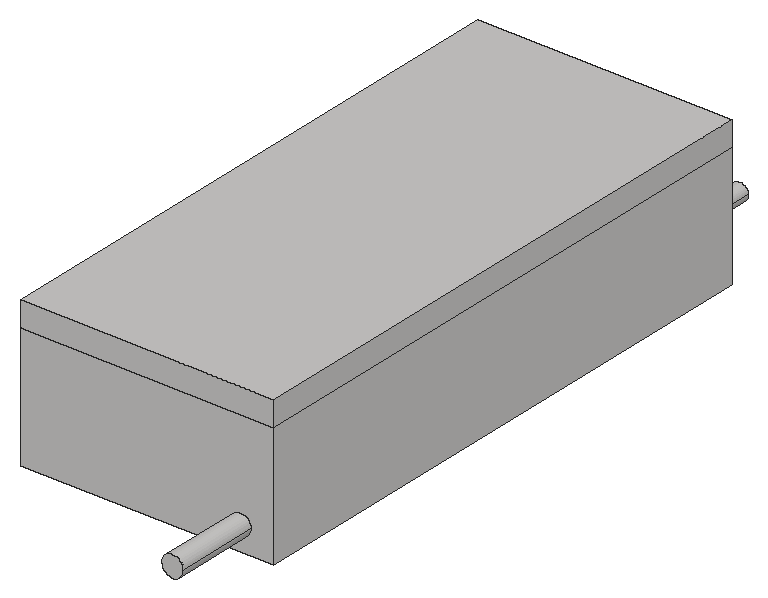
Revit family "DC_Rheem_PLM_940240", category Plumbing Fixtures, host Face, Revit 2020
Family settings
  Host = Face
  Round Connector Dimension = Use Radius
  Part Type = Normal
  Cut with Voids When Loaded = No
  Shared = No
  Room Calculation Point = No
Parameters
  WarmWaterPipeDiameter_ANZRS = WWRadius_ANZRS * 2  # 50 mm
  WWRadius_ANZRS = 25 mm
  URL = "http://www.rheem.com.au/CommercialProducts"
  Type Comments = "temperature range 25-60°C\r\n"
  Model = "940240\r\n"
  Materials_ANZRS = Rheem - Joey Grey Steel
  Manufacturer = "Rheem"
  HotWaterPipeDiameter_ANZRS = HotWaterSupplyRadius_ANZRS * 2  # 40 mm
  HotWaterSupplyRadius_ANZRS = 20 mm
  DesignBy_ANZRS = "Design Content ©"
  Description = "Guardian Warm Water 240L/min nominated flow rate\r\n"
  Default Elevation = 0 mm
  ColdWaterPipeDiameter_ANZRS = ColdWaterSupplyRadius_ANZRS * 2  # 40 mm
  ColdWaterSupplyRadius_ANZRS = 20 mm
  BoxWidth_ANZRS = 600 mm
  BoxThickness_ANZRS = 350 mm
  BoxHeight_ANZRS = 1350 mm
  Author_ANZRS = "DM"
  ARMWaterDiameter_ANZRS = ARMRadius_ANZRS * 2  # 40 mm
  ARMRadius_ANZRS = 20 mm
Reference planes
  plane 1 "Center (Front/Back)": y = 0
  plane 2: z = 0
  plane 3 "Center (Left/Right)": x = 0
  plane 4 "W1": x = -300
  plane 5 "W2": x = 300
  plane 6 "H1": y = 1350
  plane 7 "HWS": x = 160
  plane 8 "WWR": x = -10
  plane 9 "CWS": x = -240
  plane 10: z = 350
  plane 11 "THK 1": z = 290
  plane 12 "CD 2": z = 60
  plane 13 "CD 3": z = 120
  plane 14 "L2": y = 1550
  plane 15 "WWF": x = 220
  plane 16 "L1": y = -200
  plane 17 "CD 1": z = 57
Forms (mm)
  Extrusion 1, solid, material "Rheem - Joey Grey Steel" <- "Materials_ANZRS"
    sketch origin (0, 0, 0) x (1, 0, 0) y (0, 1, 0)
      loop
        line (-300, 1350) -> (-300, 0) -> (300, 0) -> (300, 1350) -> (-300, 1350)
    from 0 to 290
  Extrusion 2, solid, material "Rheem - Joey Grey Steel" <- "Materials_ANZRS"
    sketch origin (0, 0, 0) x (1, 0, 0) y (0, 1, 0)
      loop
        line (-300, 1350) -> (-300, 0) -> (300, 0) -> (300, 1350) -> (-300, 1350)
    from 290 to 350
  Extrusion 3, solid, material "Rheem - Joey Grey Steel" <- "Materials_ANZRS"
    sketch origin (0, 0, 0) x (1, 0, 0) y (0, 0, 1)
      loop
        circle (-10, 60) r 20
      loop
        circle (160, 60) r 20
      loop
        circle (-240, 120) r 20
    from -1550 to -1350
  Extrusion 4, solid, material "Rheem - Joey Grey Steel" <- "Materials_ANZRS"
    sketch origin (46.441, 0, 0) x (1, 0, 0) y (0, 0, 1)
      loop
        circle (173.559, 57) r 25
    from 0 to 200
Lines and regions (mm)
  Masking region 1
    outline origin (0, 0, 0) x (1, 0, 0) y (0, 1, 0)
      loop
        line (300, 0) -> (300, 1350) -> (180, 1350) -> (180, 1550) -> (140, 1550) -> (140, 1350) -> (10, 1350) -> (10, 1550) -> (-30, 1550) -> (-30, 1350) -> (-220, 1350) -> (-220, 1550) -> (-260, 1550) -> (-260, 1350) -> (-300, 1350) -> (-300, 0) -> (195, 0) -> (195, -200) -> (275, -200) -> (275, 0) -> (300, 0)
  Masking region 2
    outline origin (0, 0, 0) x (1, 0, 0) y (0, 0, 1)
      loop
        line (300, 350) -> (-300, 350) -> (-300, 0) -> (300, 0) -> (300, 350)
  Masking region 3
    outline origin (0, 0, 0) x (0, 1, 0) y (0, 0, 1)
      loop
        line (1350, 350) -> (0, 350) -> (0, 82) -> (-200, 82) -> (-200, 32) -> (0, 32) -> (0, 0) -> (1350, 0) -> (1350, 40) -> (1550, 40) -> (1550, 90) -> (1550, 140) -> (1350, 140) -> (1350, 350)
  symbolic lines, style "Rheem - Guardian Warm Water", detail levels fine
    curve 1: line (300, 1350, 0) -> (-300, 1350, 0)
    curve 2: line (-300, 1350, 0) -> (-300, 0, 0)
    curve 3: line (-300, 0, 0) -> (300, 0, 0)
    curve 4: line (300, 0, 0) -> (300, 1350, 0)
    curve 5: line (0, 1350, 0) -> (0, 1350, 290)
    curve 6: line (0, 0, 290) -> (0, 1350, 290)
    curve 7: line (0, 1350, 290) -> (0, 1350, 350)
    curve 8: line (0, 1350, 350) -> (0, 0, 350)
    curve 9: line (0, 0, 350) -> (0, 0, 290)
    curve 10: line (0, 0, 290) -> (0, 0, 0)
    curve 11: line (0, 1550, 80) -> (0, 1350, 80)
    curve 12: line (-300, 0, 0) -> (300, 0, 0)
    curve 13: line (-300, 0, 350) -> (-300, 0, 0)
    curve 14: line (300, 0, 350) -> (-300, 0, 350)
    curve 15: line (300, 0, 0) -> (300, 0, 350)
    curve 16: line (-300, 0, 290) -> (300, 0, 290)
    curve 17: arc (-260, 0, 120) -> (-240, 0, 100) -> (-220, 0, 120) r 20
    curve 18: arc (-220, 0, 120) -> (-240, 0, 140) -> (-260, 0, 120) r 20
    curve 19: arc (-30, 0, 60) -> (-10, 0, 40) -> (10, 0, 60) r 20
    curve 20: arc (10, 0, 60) -> (-10, 0, 80) -> (-30, 0, 60) r 20
    curve 21: arc (140, 0, 60) -> (160, 0, 40) -> (180, 0, 60) r 20
    curve 22: arc (180, 0, 60) -> (160, 0, 80) -> (140, 0, 60) r 20
    curve 23: line (0, 1350, 0) -> (0, 0, 0)
    curve 24: line (0, 1550, 100) -> (0, 1350, 100)
Dimensions and locks
  equal spacing: plane 4 "W1", plane 3 "Center (Left/Right)", plane 5 "W2"
  plane 4 "W1" to plane 5 "W2" = 600 mm
  "BoxHeight_ANZRS": plane 6 "H1" to plane 1 "Center (Front/Back)"
  "BoxThickness_ANZRS": plane 10 to level
  plane 12 "CD 2" to level = 60 mm
  plane 13 "CD 3" to level = 120 mm
  locked: plane 14 "L2" to plane 6 "H1" at 200
  plane 16 "L1" to plane 1 "Center (Front/Back)" = 200 mm
  plane 15 "WWF" to plane 5 "W2" = 80 mm
  locked: plane 10 to plane 11 "THK 1" at 60
  "BoxWidth_ANZRS": plane 4 "W1" to plane 5 "W2"
  plane 17 "CD 1" to level = 57 mm
  plane 9 "CWS" to plane 4 "W1" = 60 mm
  plane 8 "WWR" to plane 4 "W1" = 290 mm
  plane 7 "HWS" to plane 4 "W1" = 460 mm
  "ARMRadius_ANZRS": radius of Extrusion 3 sketch curve
  "ColdWaterSupplyRadius_ANZRS": radius of Extrusion 3 sketch curve
  "HotWaterSupplyRadius_ANZRS": radius of Extrusion 3 sketch curve
  "WWRadius_ANZRS": radius of Extrusion 4 sketch curve
  aligned and locked: plane 2 to host face
  aligned and locked: level to host face
  aligned and locked: Extrusion 1 sketch curve to plane 6 "H1"
  aligned and locked: plane 4 "W1" to Extrusion 1 sketch curve
  aligned and locked: Extrusion 1 sketch curve to plane 1 "Center (Front/Back)"
  aligned and locked: Extrusion 1 sketch curve to plane 5 "W2"
  aligned and locked: plane 11 "THK 1" to Extrusion 1
  aligned and locked: Extrusion 2 sketch curve to Extrusion 1  (x4)
  aligned and locked: Extrusion 2 to plane 11 "THK 1"
  aligned and locked: plane 10 to Extrusion 2
  aligned and locked: plane 9 "CWS" to Extrusion 3 sketch curve
  aligned and locked: plane 8 "WWR" to Extrusion 3 sketch curve
  aligned and locked: plane 7 "HWS" to Extrusion 3 sketch curve
  aligned and locked: plane 12 "CD 2" to Extrusion 3 sketch curve  (x2)
  aligned and locked: plane 13 "CD 3" to Extrusion 3 sketch curve
  aligned and locked: Extrusion 3 to plane 6 "H1"
  aligned and locked: plane 14 "L2" to Extrusion 3
  aligned and locked: plane 15 "WWF" to Extrusion 4 sketch curve
  aligned and locked: Extrusion 4 to plane 16 "L1"
  aligned and locked: curve 1 to Extrusion 2
  aligned and locked: curve 2 to Extrusion 2
  aligned and locked: curve 3 to Extrusion 2
  aligned and locked: curve 4 to Extrusion 2
  aligned and locked: curve 5 to Extrusion 1
  aligned and locked: curve 6 to Extrusion 2
  aligned and locked: curve 7 to Extrusion 2
  aligned and locked: curve 8 to Extrusion 2
  aligned and locked: curve 9 to Extrusion 2
  aligned and locked: curve 10 to Extrusion 1
  aligned and locked: curve 12 to Extrusion 1
  aligned and locked: curve 13 to Extrusion 1
  aligned and locked: curve 14 to Extrusion 2
  aligned and locked: curve 15 to Extrusion 2
  aligned and locked: curve 16 to Extrusion 2
  aligned and locked: curve 17 to Extrusion 3
  aligned and locked: curve 18 to Extrusion 3
  aligned and locked: curve 19 to Extrusion 3
  aligned and locked: curve 20 to Extrusion 3
  aligned and locked: curve 21 to Extrusion 3
  aligned and locked: curve 22 to Extrusion 3
  aligned and locked: plane 17 "CD 1" to Extrusion 4 sketch curve
  aligned and locked: Masking region 1 sketch curve to curve 4
  aligned and locked: Masking region 1 sketch curve to curve 3
  aligned and locked: Masking region 1 sketch curve to curve 2
  aligned and locked: Masking region 1 sketch curve to curve 1
  aligned and locked: Masking region 2 sketch curve to curve 14
  aligned and locked: Masking region 2 sketch curve to curve 13
  aligned and locked: Masking region 2 sketch curve to curve 12
  aligned and locked: Masking region 2 sketch curve to curve 15
  aligned and locked: Masking region 3 sketch curve to curve 8
  aligned and locked: Masking region 3 sketch curve to curve 7
  aligned and locked: Masking region 3 sketch curve to curve 23
  aligned and locked: Masking region 3 sketch curve to curve 10
Automatic sketch dimensions
  host sketch curve to host sketch curve = 1451.981 mm
  host sketch curve to host sketch curve = 2179.008 mm
  curve 1 to plane 4 "W1" = 0 mm
  plane 1 "Center (Front/Back)" to curve 3 = 0 mm
  curve 3 to plane 5 "W2" = 0 mm
  curve 2 to plane 6 "H1" = 0 mm
  curve 9 to plane 1 "Center (Front/Back)" = 0 mm
  curve 7 to plane 6 "H1" = 0 mm
  curve 24 to plane 14 "L2" = 0 mm
  curve 11 to plane 14 "L2" = 0 mm
  curve 10 to level = 0 mm
  curve 7 to plane 11 "THK 1" = 0 mm
  curve 8 to plane 10 = 0 mm
  plane 12 "CD 2" to curve 11 = 20 mm
  curve 24 to plane 13 "CD 3" = 20 mm
  Masking region 1 sketch curve to plane 14 "L2" = 0 mm  (x3)
  Masking region 1 sketch curve to plane 6 "H1" = 0 mm  (x3)
  Masking region 1 sketch curve to plane 16 "L1" = 0 mm
  plane 1 "Center (Front/Back)" to Masking region 1 sketch curve = 0 mm
  plane 9 "CWS" to Masking region 1 sketch curve = 20 mm
  Masking region 1 sketch curve to plane 9 "CWS" = 20 mm
  plane 8 "WWR" to Masking region 1 sketch curve = 20 mm
  Masking region 1 sketch curve to plane 8 "WWR" = 20 mm
  plane 7 "HWS" to Masking region 1 sketch curve = 20 mm
  Masking region 1 sketch curve to plane 7 "HWS" = 20 mm
  plane 15 "WWF" to Masking region 1 sketch curve = 25 mm
  Masking region 1 sketch curve to Masking region 1 sketch curve = 25 mm
  Masking region 3 sketch curve to plane 16 "L1" = 0 mm
  Masking region 3 sketch curve to plane 6 "H1" = 0 mm
  Masking region 3 sketch curve to plane 14 "L2" = 0 mm
  Masking region 3 sketch curve to plane 17 "CD 1" = 17 mm
  plane 12 "CD 2" to Masking region 3 sketch curve = 30 mm
  plane 13 "CD 3" to Masking region 3 sketch curve = 20 mm
  Masking region 3 sketch curve to plane 1 "Center (Front/Back)" = 0 mm
  Masking region 3 sketch curve to plane 17 "CD 1" = 25 mm
  plane 12 "CD 2" to Masking region 3 sketch curve = 22 mm
Connectors
  piping at (-240, 1550, 120), diameter 40, driven by "ColdWaterSupplyRadius_ANZRS"
    settings: on Extrusion 3, index 1, connector inside diameter 1.5748", connector length 0 mm, flow factor 0, pipe flow 0 GPM, pressure drop 0.00 psi, fitting loss kfactor 0, connector angle 0.00°, fixture units 0, engagement length 0 mm, angle of deflection 0.00°, flow configuration 1, flow direction 1, fitting loss method 0, system type 20, joint type 0, gender type 0, connector reference index -1, connector utility 0, adjustable connector no, is connector primary yes, connector description ""
  piping at (-10, 1550, 60), diameter 40, driven by "ARMRadius_ANZRS"
    settings: on Extrusion 3, index 2, connector inside diameter 1.5748", connector length 0 mm, flow factor 0, pipe flow 0 GPM, pressure drop 0.00 psi, fitting loss kfactor 0, connector angle 0.00°, fixture units 0, engagement length 0 mm, angle of deflection 0.00°, flow configuration 1, flow direction 1, fitting loss method 0, system type 19, joint type 0, gender type 0, connector reference index -1, connector utility 0, adjustable connector no, is connector primary no, connector description ""
  piping at (160, 1550, 60), diameter 40, driven by "HotWaterSupplyRadius_ANZRS"
    settings: on Extrusion 3, index 3, connector inside diameter 1.5748", connector length 0 mm, flow factor 0, pipe flow 0 GPM, pressure drop 0.00 psi, fitting loss kfactor 0, connector angle 0.00°, fixture units 0, engagement length 0 mm, angle of deflection 0.00°, flow configuration 1, flow direction 2, fitting loss method 0, system type 19, joint type 0, gender type 0, connector reference index -1, connector utility 0, adjustable connector no, is connector primary no, connector description ""
  piping at (220, -200, 57), diameter 50, driven by "WWRadius_ANZRS"
    settings: on Extrusion 4, index 4, connector inside diameter 1.9685", connector length 0 mm, flow factor 0, pipe flow 0 GPM, pressure drop 0.00 psi, fitting loss kfactor 0, connector angle 0.00°, fixture units 0, engagement length 0 mm, angle of deflection 0.00°, flow configuration 1, flow direction 2, fitting loss method 0, system type 19, joint type 0, gender type 0, connector reference index -1, connector utility 0, adjustable connector no, is connector primary no, connector description ""
